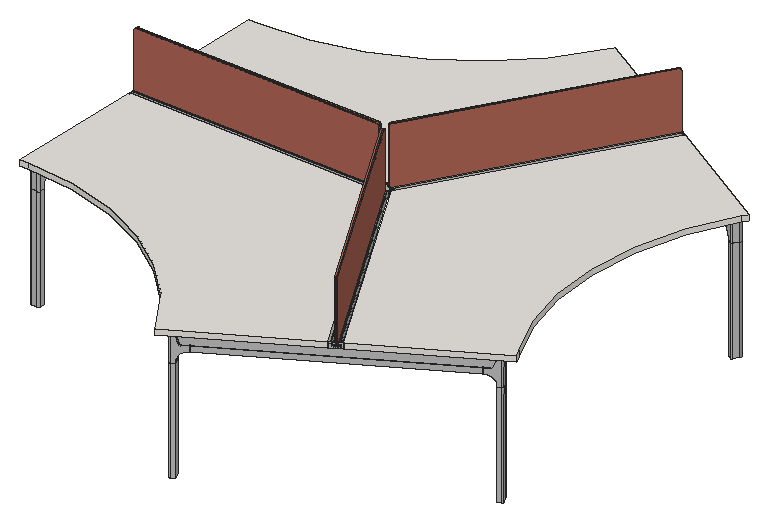
Revit family "Haworth_Intuity_Benching_Corner120_ThreeSided", category Furniture Systems, Revit 2018 (continued)
Definition of nested family "Haworth_Intuity_Utility_Tray"
  Automatic sketch dimensions
    Extrusion 5 sketch curve to Extrusion 5 sketch curve = 0.31094"  (x2)
    Extrusion 5 sketch curve to Extrusion 5 sketch curve = 1.08253"
Definition of nested family "Haworth_Intuity_Rail"
  Parameters (values of type "Rail")
    Worsurface Height = 1 3/16"  # constant formula
    URL = "www.haworth.com"
    Worsurface Length = 72"
    Support Height = 28"  # constant formula
    Right Shared Leg [instance] = no
    Right Offset [instance] = if(Right Shared Leg, 0", 1/8")  # 1/8"
    Rail Finish = none
    Rail Depth = 1 1/2"  # constant formula
    Size = "Verify Final Dim. w/ Haworth"  # constant formula
    Revision Number = "1"  # constant formula
    Model = "Haworth_Intuity_Rail"  # constant formula
    Manufacturer = "Haworth"  # constant formula
    Left Shared Leg [instance] = no
    Left Offset [instance] = if(Left Shared Leg, 0", 1/8")  # 1/8"
    Description = "Haworth_Intuity_Rail"
    Author = "Haworth (Hampton)"  # constant formula
    Assembly Code = "E2020200"
  Reference planes (in)
    plane 1: z = 0
    plane 2 "Center L/R": x = 8.5
    plane 3 "Support Left Edge": x = -27.5
    plane 4 "Support Right Edge": x = 44.5
    plane 5 "Support Top": z = 28
    plane 6 "Center F/B": y = -10.64556
    plane 7 "Leg Inside": y = -11.39556
    plane 8 "Top Top": z = 29.1875
    plane 9 "Leg Inside Back": y = -9.89556
    plane 10 "Plate Left": x = -27.375
    plane 11 "Plate Right": x = 44.375
    plane 12: z = 28.1875
  Forms (in)
    Extrusion 1, solid, material <- "Rail Finish"
      sketch origin (8.5, 0, 0) x (0, 1, 0) y (0, 0, 1)
        loop
          line (-11.39556, 29.1875) -> (-11.39556, 28.1875) -> (-9.89556, 28.1875) -> (-9.89556, 29.1875) -> (-9.95806, 29.1875) -> (-9.95806, 28.375) -> (-10.20806, 28.375) -> (-10.20806, 29.1875) -> (-10.27056, 29.1875) -> (-10.27056, 28.25) -> (-11.02056, 28.25) -> (-11.02056, 29.1875) -> (-11.08306, 29.1875) -> (-11.08306, 28.375) -> (-11.33306, 28.375) -> (-11.33306, 29.1875) -> (-11.39556, 29.1875)
      from -35.875 to 35.875
  Lines and regions (in)
    symbolic lines, detail levels medium+fine
      curve 1: line (-27.375, -9.89556, 0) -> (44.375, -9.89556, 0)
      curve 2: line (-27.375, -11.39556, 0) -> (-27.375, -9.89556, 0)
      curve 3: line (44.375, -11.39556, 0) -> (-27.375, -11.39556, 0)
      curve 4: line (44.375, -9.89556, 0) -> (44.375, -11.39556, 0)
  Dimensions and locks (in)
    "Worsurface Length": plane 3 "Support Left Edge" to plane 4 "Support Right Edge"
    equal spacing: plane 3 "Support Left Edge", plane 2 "Center L/R", plane 4 "Support Right Edge"
    "Support Height": plane 5 "Support Top" to level
    equal spacing: plane 9 "Leg Inside Back", plane 6 "Center F/B", plane 7 "Leg Inside"
    "Rail Depth": plane 7 "Leg Inside" to plane 9 "Leg Inside Back"
    "Left Offset": plane 3 "Support Left Edge" to plane 10 "Plate Left"
    "Right Offset": plane 11 "Plate Right" to plane 4 "Support Right Edge"
    plane 8 "Top Top" to plane 5 "Support Top" = 1 3/16"
    aligned and locked: curve 1 to plane 9 "Leg Inside Back"
    aligned and locked: curve 3 to plane 7 "Leg Inside"
    aligned and locked: Extrusion 1 to plane 10 "Plate Left"
    aligned and locked: Extrusion 1 to plane 11 "Plate Right"
    aligned and locked: plane 10 "Plate Left" to curve 2
    aligned and locked: plane 11 "Plate Right" to curve 4
  Automatic sketch dimensions
    Extrusion 1 sketch curve to plane 7 "Leg Inside" = 0"
    Extrusion 1 sketch curve to plane 8 "Top Top" = 0"  (x4)
    Extrusion 1 sketch curve to plane 9 "Leg Inside Back" = 0"
    Extrusion 1 sketch curve to plane 12 = 0"
    Extrusion 1 sketch curve to plane 7 "Leg Inside" = 1/16"
    Extrusion 1 sketch curve to Extrusion 1 sketch curve = 1/4"
    Extrusion 1 sketch curve to Extrusion 1 sketch curve = 1/16"  (x2)
    plane 6 "Center F/B" to Extrusion 1 sketch curve = 3/8"
    plane 9 "Leg Inside Back" to Extrusion 1 sketch curve = 1/16"
    plane 12 to Extrusion 1 sketch curve = 1/16"
    Extrusion 1 sketch curve to Extrusion 1 sketch curve = 1/8"  (x2)
Definition of nested family "Haworth_Intuity_Screens"
  Parameters (values of type "Screen")
    URL = "www.haworth.com"
    Size = "Verify Final Dim. w/ Haworth"  # constant formula
    Screen Finish = none
    Screen Depth = 7/32"  # constant formula
    Revision Number = "1"  # constant formula
    Model = "Haworth_Intuity_Screens"  # constant formula
    Manufacturer = "Haworth"  # constant formula
    Inside Offset = 1/8"  # constant formula
    Description = "Haworth_Intuity_Screens"
    Author = "Haworth (Hampton)"  # constant formula
    Assembly Code = "E2020200"
    Actual Width = 53 3/4"
    Actual Height = if([13 H], 13 13/32", 21 13/32")  # 13 13/32"
    Actual Depth = 9/16"  # constant formula
    13 H = yes
    21 H = not([13 H])  # no
  Reference planes (in)
    plane 1: z = 0
    plane 2 "Center L/R": x = 8.5
    plane 3 "Left Edge": x = -18.375
    plane 4 "Right Edge": x = 35.375
    plane 5 "Support Top": z = 13.40625
    plane 6 "Center F/B": y = -7.86431
    plane 7 "Back": y = -7.58306
    plane 8 "Front": y = -8.14556
    plane 9 "Screen Inside Back": y = -7.80181
    plane 10 "Screen Inside Front": y = -7.92681
    plane 11 "Inside Left": x = -18.25
    plane 12 "Inside Right": x = 35.25
    plane 13 "Inside Top": z = 13.28125
    plane 14 "Inside Bottom": z = 0.125
  Forms (in)
    Extrusion 1, solid, material <- "Screen Finish"
      sketch origin (0, -7.86431, 0) x (0, 0, -1) y (-1, 0, 0)
        loop
          line (-13.40625, 17.75) -> (-13.40625, -34.75)
          arc (-13.40625, -34.75) -> (-13.22319, -35.19194) -> (-12.78125, -35.375) r 0.625
          line (-12.78125, -35.375) -> (0, -35.375) -> (0, 18.375) -> (-12.78125, 18.375)
          arc (-12.78125, 18.375) -> (-13.22319, 18.19194) -> (-13.40625, 17.75) r 0.625
      from -0.28125 to -0.0625
    Extrusion 2, solid, material <- "Screen Finish"
      sketch origin (0, -7.58306, 0) x (-1, 0, 0) y (0, 0, 1)
        loop
          line (17.75, 13.40625) -> (-34.75, 13.40625)
          arc (-34.75, 13.40625) -> (-35.19194, 13.22319) -> (-35.375, 12.78125) r 0.625
          line (-35.375, 12.78125) -> (-35.375, 0) -> (18.375, 0) -> (18.375, 12.78125)
          arc (18.375, 12.78125) -> (18.19194, 13.22319) -> (17.75, 13.40625) r 0.625
      from -0.21875 to 0
    Extrusion 3, solid, material <- "Screen Finish"
      sketch origin (0, -7.86431, 0) x (0, 0, -1) y (-1, 0, 0)
        loop
          line (-13.28125, 17.625) -> (-13.28125, -34.625)
          arc (-13.28125, -34.625) -> (-13.09819, -35.06694) -> (-12.65625, -35.25) r 0.625
          line (-12.65625, -35.25) -> (-0.125, -35.25) -> (-0.125, 18.25) -> (-12.65625, 18.25)
          arc (-12.65625, 18.25) -> (-13.09819, 18.06694) -> (-13.28125, 17.625) r 0.625
      from -0.0625 to 0.0625
  Lines and regions (in)
    symbolic lines
      curve 1: line (-18.375, -7.86431, 0) -> (35.375, -7.86431, 0)
  Dimensions and locks (in)
    "Actual Width": plane 3 "Left Edge" to plane 4 "Right Edge"
    equal spacing: plane 3 "Left Edge", plane 2 "Center L/R", plane 4 "Right Edge"
    "Actual Height": plane 5 "Support Top" to level
    equal spacing: plane 8 "Front", plane 6 "Center F/B", plane 7 "Back"
    "Actual Depth": plane 8 "Front" to plane 7 "Back"
    "Screen Depth": plane 7 "Back" to plane 9 "Screen Inside Back"
    "Screen Depth": plane 8 "Front" to plane 10 "Screen Inside Front"
    "Inside Offset": plane 5 "Support Top" to plane 13 "Inside Top"
    "Inside Offset": plane 14 "Inside Bottom" to plane 1
    "Inside Offset": plane 3 "Left Edge" to plane 11 "Inside Left"
    "Inside Offset": plane 4 "Right Edge" to plane 12 "Inside Right"
    aligned and locked: curve 1 to plane 6 "Center F/B"
    aligned and locked: plane 4 "Right Edge" to curve 1
    aligned and locked: plane 3 "Left Edge" to curve 1
    aligned and locked: Extrusion 1 sketch curve to plane 4 "Right Edge"
    aligned and locked: plane 1 to Extrusion 1 sketch curve
    aligned and locked: Extrusion 1 sketch curve to plane 3 "Left Edge"
    aligned and locked: Extrusion 1 sketch curve to plane 5 "Support Top"
    aligned and locked: plane 8 "Front" to Extrusion 1
    aligned and locked: Extrusion 1 to plane 10 "Screen Inside Front"
    aligned and locked: Extrusion 2 sketch curve to plane 5 "Support Top"
    aligned and locked: Extrusion 2 sketch curve to plane 4 "Right Edge"
    aligned and locked: plane 1 to Extrusion 2 sketch curve
    aligned and locked: Extrusion 2 sketch curve to plane 3 "Left Edge"
    aligned and locked: Extrusion 2 to plane 9 "Screen Inside Back"
    aligned and locked: plane 7 "Back" to Extrusion 2
    aligned and locked: plane 14 "Inside Bottom" to Extrusion 3 sketch curve
    aligned and locked: plane 11 "Inside Left" to Extrusion 3 sketch curve
    aligned and locked: plane 12 "Inside Right" to Extrusion 3 sketch curve
    aligned and locked: Extrusion 3 sketch curve to plane 13 "Inside Top"
    aligned and locked: plane 10 "Screen Inside Front" to Extrusion 3
    aligned and locked: plane 9 "Screen Inside Back" to Extrusion 3
  Automatic sketch dimensions
    Extrusion 1 sketch curve to plane 13 "Inside Top" = 1/2"  (x2)
    plane 12 "Inside Right" to Extrusion 2 sketch curve = 1/2"
    plane 11 "Inside Left" to Extrusion 2 sketch curve = 1/2"
    Extrusion 3 sketch curve to plane 13 "Inside Top" = 5/8"  (x2)
Definition of nested family "Haworth_Intuity_Column_Leg"
  Parameters (values of type "Support")
    URL = "www.haworth.com"
    Support Thickness = 3 3/16"  # constant formula
    Support Inset = 1/4"  # constant formula
    Support Height = 28"  # constant formula
    Support Finish = none
    Support Depth = 15 3/4"  # constant formula
    Size = "Verify Final Dim. w/ Haworth"  # constant formula
    Revision Number = "1"  # constant formula
    Plate Offset = 2 3/8"  # constant formula
    Model = "Haworth_Intuity_Column_Leg"  # constant formula
    Manufacturer = "Haworth"  # constant formula
    Leg Depth = 1 1/4"  # constant formula
    Description = "Haworth_Intuity_Column_Leg"
    Column Height = 23"  # constant formula
    Cantilever Offset = 4 3/8"  # constant formula
    Cantilever Length = 7 7/8"  # constant formula
    Beam Width Half = 1"  # constant formula
    Beam Height = 2 5/8"  # constant formula
    Author = "Haworth (Hampton)"  # constant formula
    Assembly Code = "E2020200"
    Actual Depth = 3 11/16"  # constant formula
  Reference planes (in)
    plane 1 "Beam Bottom": z = 23
    plane 2 "Center L/R": x = 8.5
    plane 3 "Support Left Edge": x = 6.90625
    plane 4 "Support Right Edge": x = 10.09375
    plane 5 "Support Top": z = 28
    plane 6 "Center F/B": y = -10.64556
    plane 7 "Leg Inside": y = -18.52056
    plane 8 "Beam Top": z = 25.375
    plane 9 "Leg Inside Back": y = -2.77056
    plane 10 "Plate Left": x = 7.5
    plane 11 "Plate Right": x = 9.5
    plane 12 "Plate Front": y = -22.89556
    plane 13 "Plate End": y = 1.60444
    plane 14 "Beam 1": y = -18.27056
    plane 15 "Beam 2": y = -16.39556
    plane 16 "Beam 3": y = -4.89556
    plane 17 "Beam 4": y = -3.02056
    plane 18 "Back Support": y = 9.47944
    plane 19 "Front Support": y = -30.77056
  Forms (in)
    Extrusion 1, solid, material <- "Support Finish"
      sketch origin (8.5, 0, 0) x (0, 1, 0) y (0, 0, 1)
        loop
          line (-18.52056, 23) -> (-18.52056, 0) -> (-2.77056, 0) -> (-2.77056, 23) -> (-18.52056, 23)
      from -1.59375 to 1.59375
    Extrusion 2, solid, material <- "Support Finish"
      sketch origin (0, 0, 0) x (1, 0, 0) y (0, 1, 0)
        loop
          line (7.5, -4.89556) -> (9.5, -4.89556) -> (9.5, -3.02056) -> (7.5, -3.02056) -> (7.5, -4.89556)
        loop
          line (7.5, -16.39556) -> (7.5, -18.27056) -> (9.5, -18.27056) -> (9.5, -16.39556) -> (7.5, -16.39556)
      from 23 to 25.375
    Extrusion 3, solid, material <- "Support Finish"
      sketch origin (8.5, 0, 0) x (0, 1, 0) y (0, 0, 1)
        loop
          line (-30.77056, 28) -> (-22.89556, 25.375) -> (1.60444, 25.375) -> (9.47944, 28) -> (-30.77056, 28)
      from -1.59375 to 1.59375
  Lines and regions (in)
    symbolic lines, detail levels medium+fine
      curve 1: line (6.90625, -2.77056, 0) -> (10.09375, -2.77056, 0)
      curve 2: line (6.90625, -18.52056, 0) -> (6.90625, -2.77056, 0)
      curve 3: line (10.09375, -18.52056, 0) -> (6.90625, -18.52056, 0)
      curve 4: line (10.09375, -2.77056, 0) -> (10.09375, -18.52056, 0)
  Dimensions and locks (in)
    "Support Thickness": plane 3 "Support Left Edge" to plane 4 "Support Right Edge"
    equal spacing: plane 3 "Support Left Edge", plane 2 "Center L/R", plane 4 "Support Right Edge"
    "Support Height": plane 5 "Support Top" to level
    equal spacing: plane 9 "Leg Inside Back", plane 6 "Center F/B", plane 7 "Leg Inside"
    "Support Depth": plane 7 "Leg Inside" to plane 9 "Leg Inside Back"
    "Cantilever Offset": plane 12 "Plate Front" to plane 7 "Leg Inside"
    "Cantilever Offset": plane 9 "Leg Inside Back" to plane 13 "Plate End"
    "Column Height": plane 1 "Beam Bottom" to level
    "Plate Offset": plane 8 "Beam Top" to plane 1 "Beam Bottom"
    "Beam Width Half": plane 10 "Plate Left" to plane 2 "Center L/R"
    "Beam Width Half": plane 2 "Center L/R" to plane 11 "Plate Right"
    locked: plane 17 "Beam 4" to plane 9 "Leg Inside Back" at 0.25
    locked: plane 14 "Beam 1" to plane 7 "Leg Inside" at 0.25
    locked: plane 16 "Beam 3" to plane 17 "Beam 4" at 1.875
    locked: plane 15 "Beam 2" to plane 14 "Beam 1" at 1.875
    "Cantilever Length": plane 19 "Front Support" to plane 12 "Plate Front"
    "Cantilever Length": plane 13 "Plate End" to plane 18 "Back Support"
    aligned and locked: plane 7 "Leg Inside" to Extrusion 1 sketch curve
    aligned and locked: plane 9 "Leg Inside Back" to Extrusion 1 sketch curve
    aligned and locked: Extrusion 1 to level
    aligned and locked: plane 1 "Beam Bottom" to Extrusion 1
    aligned and locked: plane 7 "Leg Inside" to curve 3
    aligned and locked: plane 9 "Leg Inside Back" to curve 1
    aligned and locked: plane 14 "Beam 1" to Extrusion 2 sketch curve
    aligned and locked: Extrusion 2 sketch curve to plane 15 "Beam 2"
    aligned and locked: plane 10 "Plate Left" to Extrusion 2 sketch curve
    aligned and locked: plane 11 "Plate Right" to Extrusion 2 sketch curve
    aligned and locked: Extrusion 2 sketch curve to plane 11 "Plate Right"
    aligned and locked: Extrusion 2 sketch curve to plane 10 "Plate Left"
    aligned and locked: Extrusion 2 sketch curve to plane 17 "Beam 4"
    aligned and locked: plane 16 "Beam 3" to Extrusion 2 sketch curve
    aligned and locked: Extrusion 2 to plane 1 "Beam Bottom"
    aligned and locked: plane 3 "Support Left Edge" to Extrusion 3
    aligned and locked: plane 4 "Support Right Edge" to Extrusion 3
  Automatic sketch dimensions
    Extrusion 1 sketch curve to plane 8 "Beam Top" = 2 3/8"
    Extrusion 1 sketch curve to level = 0"
    curve 3 to plane 3 "Support Left Edge" = 0"
    curve 3 to plane 4 "Support Right Edge" = 0"
    Extrusion 3 sketch curve to plane 5 "Support Top" = 0"
    Extrusion 3 sketch curve to plane 19 "Front Support" = 0"
    Extrusion 3 sketch curve to plane 8 "Beam Top" = 0"
    Extrusion 3 sketch curve to plane 12 "Plate Front" = 0"
    Extrusion 3 sketch curve to plane 13 "Plate End" = 0"
    Extrusion 3 sketch curve to plane 18 "Back Support" = 0"
Types (6): name | Utility Tray Width | Table Finish | Table Edge Finish | Screen Width | Actual Screen Width | Actual Overall Depth | Leg Side Offset | J-Rail Width | Width | Depth | Actual Width | Actual Depth | Accent Plate Depth
  30d 54w | 54" | Haworth _ Laminate _ Linen H-WL | Haworth _ Laminate _ Linen H-WL | 54" | 53 3/4" | 62 13/16" | 43 3/4" | 43 3/4" | 54" | 30" | 54" | 30" | 50 13/16"
  30d 48w | 48" | Haworth _ Laminate _ Maple H-AE | Haworth _ Laminate _ Maple H-AE | 48" | 47 3/4" | 62 13/16" | 38 3/4" | 38 3/4" | 48" | 30" | 48" | 30" | 50 13/16"
  30d 42w | 42" | Haworth _ Laminate _ Maple H-AE | Haworth _ Laminate _ Maple H-AE | 42" | 41 3/4" | 62 13/16" | 33 3/4" | 33 3/4" | 42" | 30" | 42" | 30" | 50 13/16"
  24d 42w | 42" | Haworth _ Laminate _ Maple H-AE | Haworth _ Laminate _ Maple H-AE | 42" | 41 3/4" | 50 13/16" | 33 3/4" | 33 3/4" | 42" | 24" | 42" | 24" | 38 13/16"
  24d 48w | 48" | Haworth _ Laminate _ Maple H-AE | Haworth _ Laminate _ Maple H-AE | 48" | 47 3/4" | 50 13/16" | 38 3/4" | 38 3/4" | 48" | 24" | 48" | 24" | 38 13/16"
  24d 54w | 54" | Haworth _ Laminate _ Maple H-AE | Haworth _ Laminate _ Maple H-AE | 54" | 53 3/4" | 50 13/16" | 43 3/4" | 43 3/4" | 54" | 24" | 54" | 24" | 38 13/16"
